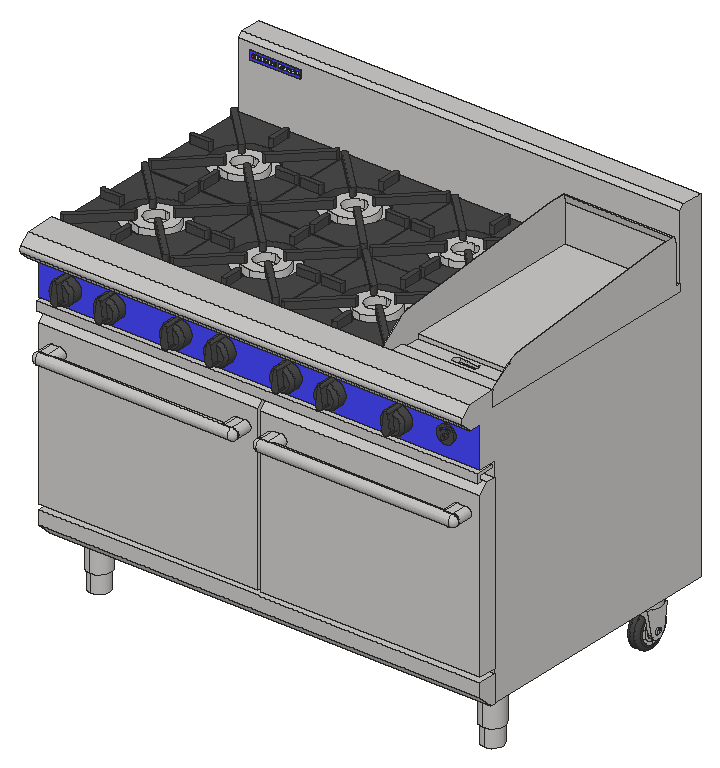
Revit family "QF_MOFFAT_BLUESEAL_CE_G528C", category Specialty Equipment, Revit 2012 (continued)
Definition of nested family "GAS BURNER 900 & GRIDDLE 300"
  Definition of nested family "GAS BURNER 900"
    Automatic sketch dimensions
      curve 285 to curve 223 = 19.967 mm
      curve 278 to curve 292 = 18.13 mm
      curve 282 to curve 298 = 9.204 mm
      curve 276 to curve 293 = 9.138 mm
      curve 223 to curve 298 = 8.97 mm
      curve 292 to curve 293 = 8.937 mm
      curve 286 to curve 241 = 47.322 mm
      curve 288 to curve 265 = 45.809 mm
      plane 4 "RIGHT" to curve 267 = 14.153 mm
      plane 8 "Center X" to curve 235 = 3.602 mm
      plane 4 "RIGHT" to curve 235 = 14.153 mm
      plane 4 "RIGHT" to curve 245 = 14.153 mm
      curve 259 to plane 8 "Center X" = 8.602 mm
      curve 259 to curve 235 = 0 mm
      curve 268 to curve 267 = 4.525 mm
      curve 246 to curve 246 = 4.525 mm
      curve 235 to curve 238 = 4.525 mm
      curve 258 to curve 259 = 4.525 mm
      plane 4 "RIGHT" to curve 242 = 7.898 mm
      plane 4 "RIGHT" to curve 264 = 7.898 mm
      plane 4 "RIGHT" to curve 233 = 3 mm
      plane 4 "RIGHT" to curve 228 = 3 mm
      plane 4 "RIGHT" to curve 231 = 3 mm
      curve 230 to plane 8 "Center X" = 1 mm
      curve 230 to curve 231 = 0 mm
      plane 4 "RIGHT" to curve 229 = 0 mm
      plane 4 "RIGHT" to curve 231 = 0 mm
      curve 233 to curve 267 = 19.602 mm
      curve 76 to curve 133 = 19.602 mm
      curve 178 to plane 5 "FRONT" = 25.398 mm
      curve 131 to curve 138 = 9.316 mm
      curve 177 to curve 180 = 9.316 mm
      curve 271 to curve 295 = 9.316 mm
      curve 295 to curve 291 = 8.967 mm
      curve 294 to curve 289 = 4.003 mm
      curve 207 to curve 202 = 4.003 mm
      curve 277 to curve 274 = 6.575 mm
      curve 290 to curve 274 = 6.958 mm
      curve 139 to curve 142 = 27 mm
      curve 181 to curve 184 = 27 mm
      curve 277 to curve 280 = 27 mm
      curve 206 to curve 122 = 47.462 mm
      curve 204 to curve 146 = 47.453 mm
      curve 198 to curve 172 = 27.481 mm
      curve 293 to curve 263 = 47.462 mm
      curve 194 to curve 162 = 47.462 mm
      curve 291 to curve 281 = 47.453 mm
      curve 171 to curve 174 = 6.4 mm
      curve 263 to curve 263 = 6.4 mm
      curve 160 to curve 160 = 6.4 mm
      curve 146 to curve 146 = 6.4 mm
      curve 123 to curve 124 = 6.4 mm
      curve 281 to curve 281 = 6.4 mm
      curve 257 to curve 290 = 10.114 mm
      curve 275 to curve 256 = 6.316 mm
      curve 179 to curve 151 = 6.316 mm
      curve 137 to curve 111 = 6.316 mm
      curve 254 to plane 8 "Center X" = 11.398 mm
      curve 154 to plane 8 "Center X" = 11.398 mm
      curve 110 to plane 8 "Center X" = 11.398 mm
      curve 81 to curve 59 = 6 mm
      curve 231 to curve 230 = 6 mm
      curve 78 to curve 80 = 0 mm
      curve 68 to curve 90 = 1.602 mm
      plane 8 "Center X" to curve 108 = 6.398 mm
      plane 8 "Center X" to curve 53 = 6.398 mm
      plane 8 "Center X" to curve 249 = 6.398 mm
      curve 252 to curve 249 = 49.204 mm
      curve 51 to curve 214 = 9.316 mm
      curve 108 to curve 107 = 49.204 mm
      curve 250 to curve 223 = 9.316 mm
      curve 106 to curve 216 = 9.316 mm
      curve 223 to curve 285 = 29.082 mm
      curve 220 to curve 234 = 8.722 mm
      curve 284 to curve 234 = 8.754 mm
      curve 35 to curve 103 = 27 mm
      curve 29 to curve 34 = 27 mm
      curve 220 to curve 247 = 27 mm
      curve 187 to curve 6 = 29.278 mm
      curve 284 to curve 219 = 29.278 mm
      curve 24 to curve 219 = 0 mm
      curve 298 to curve 242 = 49.778 mm
      curve 7 to curve 44 = 0 mm
      curve 193 to curve 95 = 29.278 mm
      curve 24 to curve 24 = 6.4 mm
      curve 95 to curve 98 = 6.4 mm
      curve 239 to curve 242 = 6.4 mm
      curve 7 to curve 8 = 6.4 mm
      curve 45 to curve 44 = 6.4 mm
      curve 219 to curve 219 = 6.4 mm
      curve 218 to curve 284 = 8.601 mm
      curve 37 to curve 42 = 9.816 mm
      curve 222 to curve 226 = 9.816 mm
      curve 31 to curve 13 = 9.816 mm
      plane 1 "BACK" to curve 16 = 25.398 mm
      plane 1 "BACK" to curve 41 = 25.398 mm
      plane 1 "BACK" to Extrusion 1 sketch curve = 0 mm
      plane 5 "FRONT" to Extrusion 1 sketch curve = 0 mm
      plane 3 "LEFT" to Extrusion 1 sketch curve = 1 mm  (x2)
      plane 1 "BACK" to Extrusion 1 sketch curve = 3 mm  (x2)
      plane 8 "Center X" to Extrusion 1 sketch curve = 149 mm
      plane 8 "Center X" to Extrusion 1 sketch curve = 2 mm  (x2)
      Extrusion 1 sketch curve to plane 8 "Center X" = 1 mm
      Extrusion 1 sketch curve to Extrusion 1 sketch curve = 3 mm  (x3)
      Extrusion 1 sketch curve to plane 8 "Center X" = 151 mm
      Extrusion 1 sketch curve to plane 5 "FRONT" = 3 mm  (x2)
      plane 3 "LEFT" to Extrusion 1 sketch curve = 149.991 mm  (x2)
      Extrusion 1 sketch curve to plane 7 "Center Y" = 154 mm
      Extrusion 1 sketch curve to Extrusion 1 sketch curve = 0 mm
      Extrusion 2 sketch curve to Extrusion 1 = 22.602 mm  (x2)
      Extrusion 2 sketch curve to Extrusion 1 = 25.398 mm  (x2)
      Extrusion 2 sketch curve to Extrusion 2 sketch curve = 4.525 mm  (x16)
      Extrusion 2 sketch curve to Extrusion 2 sketch curve = 49.204 mm  (x5)
      Extrusion 2 sketch curve to Extrusion 2 sketch curve = 55.923 mm  (x5)
      Extrusion 2 sketch curve to Extrusion 2 sketch curve = 0 mm  (x5)
      Extrusion 2 sketch curve to Extrusion 2 sketch curve = 20.524 mm  (x8)
      Extrusion 2 sketch curve to Extrusion 2 sketch curve = 6.4 mm  (x8)
      Extrusion 2 sketch curve to Extrusion 2 sketch curve = 53.847 mm  (x8)
      Extrusion 2 sketch curve to Extrusion 1 = 56.602 mm
      Extrusion 2 sketch curve to Extrusion 1 = 5.102 mm  (x6)
      Extrusion 2 sketch curve to Extrusion 1 = 13.653 mm  (x2)
      Extrusion 2 sketch curve to Extrusion 1 = 7.398 mm  (x2)
      Extrusion 2 sketch curve to Extrusion 1 = 4.602 mm  (x2)
      Extrusion 2 sketch curve to Extrusion 1 = 7.898 mm  (x4)
      Extrusion 2 sketch curve to Extrusion 1 = 31.653 mm  (x2)
      Extrusion 2 sketch curve to Extrusion 1 = 57.102 mm
      Extrusion 2 sketch curve to Extrusion 1 = 14.153 mm
      Extrusion 3 sketch curve to Extrusion 3 sketch curve = 0 mm  (x24)
      plane 1 "BACK" to Extrusion 3 sketch curve = 109.5 mm
      Extrusion 3 sketch curve to Extrusion 3 sketch curve = 27 mm  (x2)
      Extrusion 3 sketch curve to Extrusion 3 sketch curve = 30 mm  (x2)
      Extrusion 3 sketch curve to plane 8 "Center X" = 92 mm
      plane 3 "LEFT" to Extrusion 3 sketch curve = 150 mm  (x2)
      plane 1 "BACK" to Extrusion 4 sketch curve = 0 mm
      plane 5 "FRONT" to Extrusion 4 sketch curve = 0 mm
      plane 1 "BACK" to Extrusion 4 sketch curve = 3 mm  (x2)
      plane 7 "Center Y" to Extrusion 4 sketch curve = 0.009 mm  (x2)
      plane 8 "Center X" to Extrusion 4 sketch curve = 149 mm
      plane 8 "Center X" to Extrusion 4 sketch curve = 2 mm  (x2)
      Extrusion 4 sketch curve to plane 8 "Center X" = 1 mm
      Extrusion 4 sketch curve to Extrusion 4 sketch curve = 3 mm  (x3)
      Extrusion 4 sketch curve to plane 8 "Center X" = 151 mm
      Extrusion 4 sketch curve to plane 5 "FRONT" = 3 mm  (x2)
      Extrusion 4 sketch curve to plane 7 "Center Y" = 146 mm  (x2)
      plane 7 "Center Y" to Extrusion 4 sketch curve = 146 mm  (x2)
      Extrusion 5 sketch curve to Extrusion 4 = 22.602 mm  (x2)
      Extrusion 5 sketch curve to Extrusion 4 = 25.398 mm  (x2)
      Extrusion 5 sketch curve to Extrusion 5 sketch curve = 4.525 mm  (x16)
      Extrusion 5 sketch curve to Extrusion 5 sketch curve = 49.204 mm  (x4)
      Extrusion 5 sketch curve to Extrusion 5 sketch curve = 55.923 mm  (x5)
      Extrusion 5 sketch curve to Extrusion 5 sketch curve = 0 mm  (x6)
      Extrusion 5 sketch curve to Extrusion 5 sketch curve = 20.524 mm  (x7)
      Extrusion 5 sketch curve to Extrusion 5 sketch curve = 6.4 mm  (x8)
      Extrusion 5 sketch curve to Extrusion 5 sketch curve = 53.847 mm  (x8)
      Extrusion 5 sketch curve to Extrusion 4 = 56.602 mm
      Extrusion 5 sketch curve to Extrusion 4 = 5.102 mm  (x6)
      Extrusion 5 sketch curve to Extrusion 4 = 13.653 mm  (x2)
      Extrusion 5 sketch curve to Extrusion 4 = 7.398 mm  (x2)
      Extrusion 5 sketch curve to Extrusion 4 = 4.602 mm  (x2)
      Extrusion 5 sketch curve to Extrusion 4 = 7.898 mm  (x4)
      Extrusion 5 sketch curve to Extrusion 4 = 31.653 mm  (x2)
      Extrusion 5 sketch curve to Extrusion 4 = 57.102 mm  (x2)
      Extrusion 5 sketch curve to Extrusion 4 = 14.153 mm
      Extrusion 6 sketch curve to Extrusion 6 sketch curve = 0 mm  (x24)
      Extrusion 6 sketch curve to plane 7 "Center Y" = 0 mm  (x2)
      plane 1 "BACK" to Extrusion 6 sketch curve = 109.5 mm
      Extrusion 6 sketch curve to Extrusion 6 sketch curve = 27 mm  (x2)
      Extrusion 6 sketch curve to Extrusion 6 sketch curve = 30 mm  (x2)
      Extrusion 6 sketch curve to plane 8 "Center X" = 92 mm
      Extrusion 7 sketch curve to Extrusion 1 = 22.602 mm  (x2)
      Extrusion 7 sketch curve to Extrusion 1 = 25.398 mm  (x2)
      Extrusion 7 sketch curve to Extrusion 7 sketch curve = 4.525 mm  (x16)
      Extrusion 7 sketch curve to Extrusion 7 sketch curve = 49.204 mm  (x6)
      Extrusion 7 sketch curve to Extrusion 7 sketch curve = 55.923 mm  (x7)
      Extrusion 7 sketch curve to Extrusion 7 sketch curve = 0 mm  (x7)
      Extrusion 7 sketch curve to Extrusion 7 sketch curve = 20.524 mm  (x7)
      Extrusion 7 sketch curve to Extrusion 7 sketch curve = 6.4 mm  (x8)
      Extrusion 7 sketch curve to Extrusion 7 sketch curve = 53.847 mm  (x8)
      Extrusion 7 sketch curve to Extrusion 1 = 56.602 mm
      Extrusion 7 sketch curve to Extrusion 1 = 13.653 mm  (x2)
      Extrusion 7 sketch curve to Extrusion 1 = 7.398 mm  (x2)
      Extrusion 7 sketch curve to Extrusion 1 = 4.602 mm  (x2)
      Extrusion 7 sketch curve to Extrusion 1 = 31.653 mm  (x2)
      Extrusion 1 to Extrusion 7 sketch curve = 308.102 mm
      Extrusion 7 sketch curve to Extrusion 7 sketch curve = 9.051 mm  (x2)
      Extrusion 7 sketch curve to Extrusion 7 sketch curve = 2.796 mm  (x2)
      Extrusion 7 sketch curve to Extrusion 7 sketch curve = 128.447 mm  (x3)
      Extrusion 8 sketch curve to Extrusion 8 sketch curve = 0 mm  (x24)
      plane 1 "BACK" to Extrusion 8 sketch curve = 109.5 mm
      Extrusion 8 sketch curve to Extrusion 8 sketch curve = 27 mm  (x2)
      Extrusion 8 sketch curve to Extrusion 8 sketch curve = 30 mm  (x2)
      Extrusion 8 sketch curve to plane 8 "Center X" = 92 mm
      plane 4 "RIGHT" to Extrusion 8 sketch curve = 149 mm  (x2)
      plane 1 "BACK" to Extrusion 9 sketch curve = 0 mm
      plane 5 "FRONT" to Extrusion 9 sketch curve = 0 mm
      plane 4 "RIGHT" to Extrusion 9 sketch curve = 0 mm  (x2)
      plane 1 "BACK" to Extrusion 9 sketch curve = 3 mm  (x2)
      plane 8 "Center X" to Extrusion 9 sketch curve = 149 mm
      plane 8 "Center X" to Extrusion 9 sketch curve = 2 mm  (x2)
      Extrusion 9 sketch curve to plane 8 "Center X" = 1 mm
      Extrusion 9 sketch curve to Extrusion 9 sketch curve = 3 mm  (x3)
      Extrusion 9 sketch curve to plane 8 "Center X" = 151 mm
      Extrusion 9 sketch curve to plane 5 "FRONT" = 3 mm  (x2)
      plane 4 "RIGHT" to Extrusion 9 sketch curve = 148.991 mm  (x2)
      plane 7 "Center Y" to Extrusion 9 sketch curve = 155 mm  (x2)
      Extrusion 10 sketch curve to Extrusion 10 sketch curve = 0 mm  (x24)
      plane 1 "BACK" to Extrusion 10 sketch curve = 109.5 mm
      Extrusion 10 sketch curve to Extrusion 10 sketch curve = 27 mm  (x2)
      Extrusion 10 sketch curve to Extrusion 10 sketch curve = 30 mm  (x2)
      Extrusion 10 sketch curve to plane 8 "Center X" = 92 mm
      plane 4 "RIGHT" to Extrusion 10 sketch curve = 149 mm  (x2)
      curve 299 to plane 5 "FRONT" = 22.602 mm
      curve 54 to curve 52 = 49.204 mm
      curve 84 to curve 303 = 3 mm
      curve 302 to curve 303 = 3 mm
      curve 309 to curve 309 = 3 mm
      curve 162 to curve 310 = 18.796 mm
      curve 313 to plane 8 "Center X" = 17.653 mm
      curve 314 to plane 8 "Center X" = 8.602 mm
      plane 8 "Center X" to curve 316 = 3.602 mm
      curve 28 to curve 317 = 13.205 mm
      curve 319 to curve 308 = 0 mm
      curve 60 to curve 320 = 3 mm
      curve 62 to curve 321 = 0 mm
      plane 1 "BACK" to curve 322 = 0 mm
      curve 23 to curve 323 = 18.796 mm
      plane 1 "BACK" to curve 327 = 22.602 mm
      radius of Extrusion 1 sketch curve = 84.082 mm  (x2)
      radius of Extrusion 4 sketch curve = 84.082 mm  (x2)
      radius of Extrusion 9 sketch curve = 84.082 mm  (x2)
  Definition of nested family "GAS GRIDDLE PLATE 600"
    Parameters (values of type "GAS GRIDDLE PLATE 600")
      Width [instance] = 300 mm
      Weight in Pounds = 0
      URL Cutsheet = ""
      Type Mark [instance] = ""
      Status [instance] = ""
      Specification by User [instance] = ""
      Specification by Manufacturer = ""
      Serial Number = ""
      Seismic Rating = ""
      SMACNA No = ""
      Revision Code [instance] = ""
      Omniclass Number and Title = ""
      NAFEM Spec ID Number = ""
      Masterspec = ""
      Item Number [instance] = ""
      Installed By [instance] = ""
      Identify Quantity as Lot [instance] = yes
      Furnished By [instance] = ""
      Foodservice Equipment Identifier [instance] = yes
      Depth [instance] = 620 mm
      CSI MasterFormat = ""
      CSI Master Format = ""
    Reference planes
      plane 1 "BACK": y = 0
      plane 2: z = 0
      plane 3 "LEFT": x = 0
      plane 4 "RIGHT": x = 300
      plane 5 "FRONT": y = -620
      plane 6 "TOP": z = 142.5
      plane 7 "Center Y": x = 150
      plane 8 "Center X": y = -310
      plane 9: y = -530.997
      plane 10: y = -541.497
      plane 11: y = -503.25
      plane 12: y = -557.737
    Forms (mm)
      Extrusion 1, solid, material "QF_Finishes_Stainless Steel"
        sketch origin (0, 70.003, -874.5) x (0, 1, 0) y (0, 0, 1)
          loop
            line (-70, 875) -> (-70, 997.489) -> (-75.228, 1017) -> (-117.24, 1017) -> (-589.533, 971.523)
            arc (-589.533, 971.523) -> (-614.56, 965.803) -> (-637.306, 953.899) r 100
            line (-637.306, 953.899) -> (-690.003, 917) -> (-690.003, 875) -> (-70, 875)
        from 0 to 1.8
      Extrusion 2, solid, material "QF_Finishes_Stainless Steel"
        sketch origin (600, 70.003, -874.5) x (0, -1, 0) y (0, 0, 1)
          loop
            line (70, 875) -> (690.003, 875) -> (690.003, 917) -> (637.306, 953.899)
            arc (637.306, 953.899) -> (614.56, 965.803) -> (589.533, 971.523) r 100
            line (589.533, 971.523) -> (117.24, 1017) -> (75.228, 1017) -> (70, 997.489) -> (70, 875)
        from 300 to 301.2
      Extrusion 3, solid, material "QF_Finishes_Stainless Steel"
        sketch origin (150, 70.003, -874.5) x (0, 1, 0) y (0, 0, 1)
          loop
            line (-55, 895) -> (-573.253, 895) -> (-573.253, 884.5) -> (-627.74, 884.5) -> (-627.74, 895) -> (-690.003, 895) -> (-690.003, 875) -> (-55, 875) -> (-55, 895)
        from -148.2 to 150
      Extrusion 4, void
        sketch origin (150, -541.497, 10) x (0, -1, 0) y (1, 0, 0)
          loop
            arc (-7.497, 25.113) -> (-17.497, 35.113) -> (-27.497, 25.113) r 10
            line (-27.497, 25.113) -> (-27.497, -24.887)
            arc (-27.497, -24.887) -> (-17.497, -34.887) -> (-7.497, -24.887) r 10
            line (-7.497, -24.887) -> (-7.497, 25.113)
        from -41.4 to 40.142
      Extrusion 5, solid, material "QF_Finishes_Stainless Steel"
        sketch origin (0, 70.003, -874.5) x (0, 1, 0) y (0, 0, 1)
          loop
            line (-70, 875) -> (-70, 997.489) -> (-75.228, 1017) -> (-76.884, 1017) -> (-71.6, 997.278) -> (-71.6, 875) -> (-70, 875)
        from 0 to 298.8
    Cuts and joins
      Extrusion 4 cuts Extrusion 3
      joined: Extrusion 1, Extrusion 2, Extrusion 3, Extrusion 5
    Lines and regions (mm)
      symbolic lines
        curve 1: line (300, -503.25, 0) -> (0, -503.25, 0)
        curve 2: line (0, -557.737, 0) -> (300, -557.737, 0)
        curve 3: line (0, -1.68, 0) -> (300, -1.68, 0)
        curve 4: line (300, -1.68, 0) -> (300, -620, 0)
        curve 5: line (0, -620, 0) -> (0, -1.68, 0)
        curve 6: line (0, -620, 0) -> (300, -620, 0)
        curve 7: arc (175.113, -534, 0) -> (185.113, -524, 0) -> (175.113, -514, 0) r 10
        curve 8: line (175.113, -514, 0) -> (125.113, -514, 0)
        curve 9: arc (125.113, -514, 0) -> (115.113, -524, 0) -> (125.113, -534, 0) r 10
        curve 10: line (125.113, -534, 0) -> (175.113, -534, 0)
    Dimensions and locks
      equal spacing: plane 3 "LEFT", plane 7 "Center Y", plane 4 "RIGHT"
      "Width": plane 3 "LEFT" to plane 4 "RIGHT"
      equal spacing: plane 5 "FRONT", plane 8 "Center X", plane 1 "BACK"
      "Depth": plane 5 "FRONT" to plane 1 "BACK"
      locked: Extrusion 2 to Extrusion 2 at 1.2
      aligned and locked: level to plane 2
      aligned and locked: Extrusion 2 to plane 4 "RIGHT"
      aligned and locked: curve 1 to plane 11
      aligned and locked: plane 12 to curve 2
      aligned and locked: Extrusion 5 to cut or joined group of Extrusion 1, Extrusion 2, Extrusion 3, Extrusion 4, Extrusion 5
      aligned and locked: cut or joined group of Extrusion 1, Extrusion 2, Extrusion 3, Extrusion 4, Extrusion 5 to plane 4 "RIGHT"
    Automatic sketch dimensions
      Extrusion 1 sketch curve to plane 5 "FRONT" = 0 mm
      Extrusion 1 sketch curve to plane 6 "TOP" = 0 mm
      plane 12 to Extrusion 1 sketch curve = 9.566 mm
      plane 11 to Extrusion 1 sketch curve = 16.28 mm
      Extrusion 1 sketch curve to level = 2.516 mm
      plane 11 to Extrusion 1 sketch curve = 6.695 mm
      plane 1 "BACK" to Extrusion 1 sketch curve = 47.237 mm
      plane 1 "BACK" to Extrusion 1 sketch curve = 5.225 mm
      Extrusion 1 sketch curve to plane 1 "BACK" = 0.003 mm
      level to Extrusion 1 sketch curve = 0.5 mm
      Extrusion 1 sketch curve to Extrusion 1 sketch curve = 42 mm
      Extrusion 1 sketch curve to plane 6 "TOP" = 63.101 mm
      Extrusion 1 sketch curve to plane 6 "TOP" = 19.511 mm
      Extrusion 2 sketch curve to plane 6 "TOP" = 0 mm
      Extrusion 2 sketch curve to plane 5 "FRONT" = 0 mm
      plane 12 to Extrusion 2 sketch curve = 9.566 mm
      plane 11 to Extrusion 2 sketch curve = 16.28 mm
      Extrusion 2 sketch curve to level = 2.516 mm
      plane 11 to Extrusion 2 sketch curve = 6.695 mm
      plane 1 "BACK" to Extrusion 2 sketch curve = 47.237 mm
      plane 1 "BACK" to Extrusion 2 sketch curve = 5.225 mm
      Extrusion 2 sketch curve to plane 1 "BACK" = 0.003 mm
      level to Extrusion 2 sketch curve = 0.5 mm
      Extrusion 2 sketch curve to Extrusion 2 sketch curve = 42 mm
      Extrusion 2 sketch curve to plane 6 "TOP" = 63.101 mm
      Extrusion 2 sketch curve to plane 6 "TOP" = 19.511 mm
      Extrusion 3 sketch curve to plane 5 "FRONT" = 0 mm
      Extrusion 3 sketch curve to plane 12 = 0 mm
      Extrusion 3 sketch curve to plane 11 = 0 mm
      Extrusion 3 sketch curve to plane 1 "BACK" = 15.003 mm
      level to Extrusion 3 sketch curve = 0.5 mm
      level to Extrusion 3 sketch curve = 10 mm
      Extrusion 3 sketch curve to Extrusion 3 sketch curve = 10.5 mm  (x2)
      plane 1 "BACK" to Extrusion 5 sketch curve = 5.225 mm
      Extrusion 5 sketch curve to plane 1 "BACK" = 0.003 mm
      Extrusion 5 sketch curve to plane 6 "TOP" = 19.511 mm
      Extrusion 5 sketch curve to Extrusion 5 sketch curve = 1.6 mm
      Extrusion 5 sketch curve to Extrusion 5 sketch curve = 0.211 mm
      Extrusion 5 sketch curve to plane 6 "TOP" = 0 mm
      Extrusion 5 sketch curve to Extrusion 5 sketch curve = 1.656 mm
      level to Extrusion 5 sketch curve = 0.5 mm
      plane 11 to Extrusion 4 sketch curve = 10.75 mm
      Extrusion 4 sketch curve to Extrusion 4 sketch curve = 10 mm
      plane 3 "LEFT" to Extrusion 4 sketch curve = 125.113 mm
      Extrusion 4 sketch curve to Extrusion 4 sketch curve = 50 mm
      curve 6 to plane 3 "LEFT" = 0 mm
      curve 3 to plane 4 "RIGHT" = 0 mm
      plane 5 "FRONT" to curve 6 = 0 mm
      plane 11 to curve 8 = 10.75 mm
      plane 3 "LEFT" to curve 8 = 125.113 mm
      curve 10 to plane 12 = 23.737 mm
      curve 9 to curve 10 = 50 mm
      plane 1 "BACK" to curve 3 = 1.68 mm
